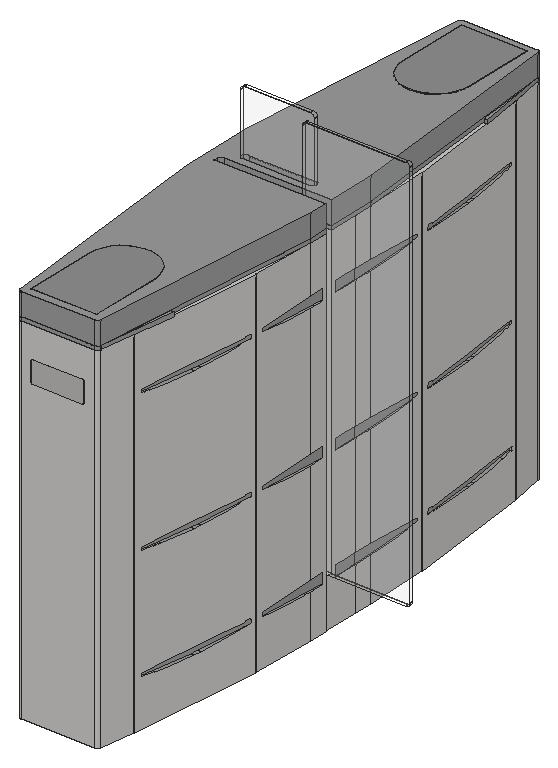
Revit family "CAME_Турникет_Скоростной_SLIDINGGATESG55_РаздвижнойБоковойМодуль550", category Специальное оборудование, Revit 2019
Family settings
  Размер круглого соединителя = Использовать диаметр
  Тип детали = Нормальный
  На основе рабочей плоскости = Нет
  Всегда вертикально = Да
  При загрузке вырезать с полостями = Нет
  Общий = Нет
  Точка расчета площади = Нет
Parameters
  Описание = "Боковой модуль раздвижного турникета SLIDING GATE SG55M, оснащенный платой управления и светодиодными указателями прохода и направления. Корпус - нержавеющая сталь. Сервопозиционный электропривод створки с определением препятствий и автоматической разблокировкой при отключении электроэнергии. Створка из 10 мм закаленного стекла. Ширина прохода 550 мм. Высота створки 1200 мм. Время открытия - 1 сек."
  Изготовитель = "CAME"  # constant formula
  Группа модели = "Турникеты"
  Watermark [instance] = "Модели защищены уникальным кодом"
  URL = "https://camerussia.com"
  CAME_Тип механизма турникета = "моторизованный"  # constant formula
  CAME_Напряжение электропитания двигателя (В) = 24 V  # constant formula
  CAME_Максимальное количество проходов в минуту = "25"  # constant formula
  CAME_Класс защиты (IP) = "44"  # constant formula
  CAME_Интенсивность использования (%) = "ИНТЕНСИВНОЕ"  # constant formula
  CAME_Диапазон рабочих температур (°C) = "-20 ÷ +68"  # constant formula
  CAME_Время открывания (с) = "1"  # constant formula
  BL_Разработано = "support@bimlib.pro"  # constant formula
  BL_Email = "cru.info@came.com"  # constant formula
  BL_BIM library = "https://bimlib.pro/manufacturer/came/cf0b6efe-31e5-4ffa-b7ea-1d6fa84041d4/?tab=products"
  ADSK_Размер_Ширина = 545 mm  # constant formula
  ADSK_Размер_Глубина = 1465 mm  # constant formula
  ADSK_Размер_Высота = 1030 mm  # constant formula
  ADSK_Полная мощность = ADSK_Номинальная мощность / ADSK_Коэффициент мощности  # 40.625 VA
  ADSK_Обозначение = "ТУ 26.30.50-001-89603926-2021"  # constant formula
  ADSK_Номинальная мощность = 39 W  # constant formula
  ADSK_Напряжение = 230 V  # constant formula
  ADSK_Наименование краткое = "Бок. модуль турникета SLIDING GATE SG55M, 550 мм, левый или правый"  # constant formula
  ADSK_Наименование = "Боковой модуль высокоинтенсивного скоростного раздвижного турникета SLIDING GATE SG55M, ширина прохода 550 мм, левый или правый"  # constant formula
  ADSK_Масса_Текст = ""
  ADSK_Масса = 0
  ADSK_Марка = "АРТ:001SG55MS"  # constant formula
  ADSK_Коэффициент мощности = 0.96
  ADSK_Количество фаз = 1  # constant formula
  ADSK_Количество = 1  # constant formula
  ADSK_Код изделия = "Код КСР 26.30.50.119.61.2.07.09"  # constant formula
  ADSK_Классификация нагрузок = Прочее
  ADSK_Завод-изготовитель = "CAME"  # constant formula
  ADSK_Единица измерения = "шт."  # constant formula
  ADSK_Группирование = "SLIDING GATE"  # constant formula
  ADSK_Версия семейства = "1.0"  # constant formula
  ADSK_Версия Revit = "2019"  # constant formula
  ADSK_URL страницы изделия = "https://camerussia.com/product/001sg55ms/"
  ADSK_URL документации изделия = "https://camerussia.com/uploads/support/instructions/files/Инструкция%20Sliding%20Gate%20SG55-SG90.pdf"
Reference planes
  plane 1 "По центру (Вперед/Назад)": y = 0
  plane 2: z = 0
  plane 3 "По центру (Влево/Вправо)": x = 0
  plane 4: x = -162.5
  plane 5: x = 162.5
  plane 6: y = 732.5
  plane 7: y = -732.5
  plane 8: z = 1030
  plane 9: x = -105
  plane 10: x = 105
  plane 11: y = 100
  plane 12: y = -100
  plane 13: x = -105
  plane 14: x = 105
  plane 15: y = 100
  plane 16: y = -100
  plane 17: z = 15
  plane 18: z = 960
  plane 19: z = 70
  plane 20: z = 445
  plane 21: z = 820
  plane 22: y = 632.5
  plane 23: y = -632.5
  plane 24: y = 632.5
  plane 25: y = -632.5
  plane 26: z = 1200
  plane 27: z = 145
  plane 28: y = 275
  plane 29: y = -275
  plane 30: y = 50
  plane 31: y = -50
  plane 32: x = 382.5
Forms (mm)
  Extrusion 1, solid, material "CAME_Сталь_Нержавеющая_AISI 304", detail levels medium
    sketch origin (0, 0, 0) x (1, 0, 0) y (0, 1, 0)
      loop
        arc (-105, 732.5) -> (-148.095, 417.554) -> (-162.5, 100) r 3507.5
        line (-162.5, 100) -> (-162.5, -100)
        arc (-162.5, -100) -> (-148.095, -417.554) -> (-105, -732.5) r 3507.5
        line (-105, -732.5) -> (105, -732.5)
        arc (105, -732.5) -> (148.095, -417.554) -> (162.5, -100) r 3507.5
        line (162.5, -100) -> (162.5, 100)
        arc (162.5, 100) -> (148.095, 417.554) -> (105, 732.5) r 3507.5
        line (105, 732.5) -> (-105, 732.5)
    from 0 to 1030
  Extrusion 2, solid, material "CAME_Сталь_Нержавеющая_AISI 304", detail levels fine
    sketch origin (-363.045, -1524, 15) x (-1, 0, 0) y (0, -1, 0)
      loop
        line (-459.701, -2256.5) -> (-266.388, -2256.5)
        arc (-266.388, -2256.5) -> (-260.067, -2254.249) -> (-256.592, -2248.51) r 10
        line (-256.592, -2248.51) -> (-241.439, -2157.96)
        arc (-241.439, -2157.96) -> (-242.655, -2156.256) -> (-240.951, -2155.04) r 1.48
        arc (-240.951, -2155.04) -> (-216.874, -1978.331) -> (-203.397, -1800.498) r 2983.664
        arc (-203.397, -1800.498) -> (-204.828, -1798.932) -> (-203.262, -1797.502) r 1.5
        arc (-203.262, -1797.502) -> (-200.642, -1710.771) -> (-200.545, -1624) r 2983.664
        line (-200.545, -1624) -> (-200.545, -1424)
        arc (-200.545, -1424) -> (-200.642, -1337.229) -> (-203.262, -1250.498) r 2983.664
        arc (-203.262, -1250.498) -> (-204.828, -1249.068) -> (-203.397, -1247.502) r 1.5
        arc (-203.397, -1247.502) -> (-216.874, -1069.669) -> (-240.951, -892.96) r 2983.664
        arc (-240.951, -892.96) -> (-242.655, -891.744) -> (-241.439, -890.04) r 1.48
        line (-241.439, -890.04) -> (-256.592, -799.49)
        arc (-256.592, -799.49) -> (-260.067, -793.751) -> (-266.388, -791.5) r 10
        line (-266.388, -791.5) -> (-459.701, -791.5)
        arc (-459.701, -791.5) -> (-466.022, -793.751) -> (-469.497, -799.49) r 10
        line (-469.497, -799.49) -> (-484.65, -890.04)
        arc (-484.65, -890.04) -> (-483.435, -891.744) -> (-485.138, -892.96) r 1.48
        arc (-485.138, -892.96) -> (-509.216, -1069.669) -> (-522.692, -1247.502) r 2983.664
        arc (-522.692, -1247.502) -> (-521.262, -1249.068) -> (-522.828, -1250.498) r 1.5
        arc (-522.828, -1250.498) -> (-525.448, -1337.229) -> (-525.545, -1424) r 2983.664
        line (-525.545, -1424) -> (-525.545, -1624)
        arc (-525.545, -1624) -> (-525.448, -1710.771) -> (-522.828, -1797.502) r 2983.664
        arc (-522.828, -1797.502) -> (-521.262, -1798.932) -> (-522.692, -1800.498) r 1.5
        arc (-522.692, -1800.498) -> (-509.216, -1978.331) -> (-485.138, -2155.04) r 2983.664
        arc (-485.138, -2155.04) -> (-483.435, -2156.256) -> (-484.65, -2157.96) r 1.48
        line (-484.65, -2157.96) -> (-469.497, -2248.51)
        arc (-469.497, -2248.51) -> (-466.022, -2254.249) -> (-459.701, -2256.5) r 10
    from 0 to 945
  Extrusion 3, solid, material "CAME_Камень_Гранитный_SGL01", detail levels fine
    sketch origin (-925.693, -1524, 1030) x (-1, 0, 0) y (0, -1, 0)
      loop
        arc (-829.037, -2256.5) -> (-822.626, -2254.175) -> (-819.196, -2248.28) r 10
        arc (-819.196, -2248.28) -> (-777.222, -1937.393) -> (-763.193, -1624) r 3507.5
        line (-763.193, -1624) -> (-763.193, -1424)
        arc (-763.193, -1424) -> (-777.222, -1110.607) -> (-819.196, -799.72) r 3507.5
        arc (-819.196, -799.72) -> (-822.626, -793.825) -> (-829.037, -791.5) r 10
        line (-829.037, -791.5) -> (-1022.35, -791.5)
        arc (-1022.35, -791.5) -> (-1028.761, -793.825) -> (-1032.19, -799.72) r 10
        arc (-1032.19, -799.72) -> (-1074.165, -1110.607) -> (-1088.193, -1424) r 3507.5
        line (-1088.193, -1424) -> (-1088.193, -1624)
        arc (-1088.193, -1624) -> (-1074.165, -1937.393) -> (-1032.19, -2248.28) r 3507.5
        arc (-1032.19, -2248.28) -> (-1028.761, -2254.175) -> (-1022.35, -2256.5) r 10
        line (-1022.35, -2256.5) -> (-829.037, -2256.5)
    from 0 to -60
  Extrusion 4, solid, material "CAME_Стекло_Закаленное", detail levels fine
    sketch origin (0, 0, 0) x (1, 0, 0) y (0, 0, 1)
      loop
        arc (-87.5, 1200) -> (-94.571, 1197.071) -> (-97.5, 1190) r 10
        line (-97.5, 1190) -> (-97.5, 960) -> (97.5, 960) -> (97.5, 1190)
        arc (97.5, 1190) -> (94.571, 1197.071) -> (87.5, 1200) r 10
        line (87.5, 1200) -> (-87.5, 1200)
    from -5 to 5
  Extrusion 5, solid, material "CAME_Стекло_Закаленное_Черное", detail levels medium+fine
    sketch origin (-925.693, -1524, 1030) x (-1, 0, 0) y (0, -1, 0)
      loop
        line (-838.193, -811.5) -> (-1013.193, -811.5) -> (-1013.193, -1004)
        arc (-1013.193, -1004) -> (-925.693, -1091.5) -> (-838.193, -1004) r 87.5
        line (-838.193, -1004) -> (-838.193, -811.5)
      loop
        line (-838.193, -2236.5) -> (-838.193, -2044)
        arc (-838.193, -2044) -> (-925.693, -1956.5) -> (-1013.193, -2044) r 87.5
        line (-1013.193, -2044) -> (-1013.193, -2236.5) -> (-838.193, -2236.5)
    from 0 to 2
  Extrusion 6, solid, material "CAME_Стекло_Закаленное_Черное", detail levels medium+fine
    sketch origin (866.16, -732.5, 1200) x (1, 0, 0) y (0, 0, 1)
      loop
        arc (-931.16, -320) -> (-934.695, -321.464) -> (-936.16, -325) r 5
        line (-936.16, -325) -> (-936.16, -375)
        arc (-936.16, -375) -> (-934.695, -378.536) -> (-931.16, -380) r 5
        line (-931.16, -380) -> (-801.16, -380)
        arc (-801.16, -380) -> (-797.624, -378.536) -> (-796.16, -375) r 5
        line (-796.16, -375) -> (-796.16, -325)
        arc (-796.16, -325) -> (-797.624, -321.464) -> (-801.16, -320) r 5
        line (-801.16, -320) -> (-931.16, -320)
    from 0 to 2
  Extrusion 7, solid, material "CAME_Стекло_Закаленное_Черное", detail levels medium+fine
    sketch origin (-872.529, 732.5, 1200) x (-1, 0, 0) y (0, 0, 1)
      loop
        arc (-937.529, -320) -> (-941.064, -321.464) -> (-942.529, -325) r 5
        line (-942.529, -325) -> (-942.529, -375)
        arc (-942.529, -375) -> (-941.064, -378.536) -> (-937.529, -380) r 5
        line (-937.529, -380) -> (-807.529, -380)
        arc (-807.529, -380) -> (-803.993, -378.536) -> (-802.529, -375) r 5
        line (-802.529, -375) -> (-802.529, -325)
        arc (-802.529, -325) -> (-803.993, -321.464) -> (-807.529, -320) r 5
        line (-807.529, -320) -> (-937.529, -320)
    from 0 to 2
  Extrusion 8, solid, material "CAME_Сталь_Нержавеющая_AISI 304", detail levels fine
    sketch origin (0, 0, 0) x (1, 0, 0) y (0, 1, 0)
      loop
        circle (50, -632.5) r 25
      loop
        circle (-50, -632.5) r 25
      loop
        circle (50, 632.5) r 25
      loop
        circle (-50, 632.5) r 25
      loop
        circle (50, -232.5) r 25
      loop
        circle (-50, -232.5) r 25
      loop
        circle (50, 232.5) r 25
      loop
        circle (-50, 232.5) r 25
    from 0 to 15
  Extrusion 9, solid, material "Воздух", detail levels fine
    sketch origin (349.639, -1524, 960) x (0, -1, 0) y (-1, 0, 0)
      loop
        arc (-799.72, 456.136) -> (-1110.607, 498.11) -> (-1424, 512.139) r 3507.5
        line (-1424, 512.139) -> (-1624, 512.139)
        arc (-1624, 512.139) -> (-1937.393, 498.11) -> (-2248.28, 456.136) r 3507.5
        arc (-2248.28, 456.136) -> (-2254.175, 452.706) -> (-2256.5, 446.295) r 10
        line (-2256.5, 446.295) -> (-2256.5, 252.982)
        arc (-2256.5, 252.982) -> (-2254.175, 246.571) -> (-2248.28, 243.142) r 10
        arc (-2248.28, 243.142) -> (-1937.393, 201.167) -> (-1624, 187.139) r 3507.5
        line (-1624, 187.139) -> (-1424, 187.139)
        arc (-1424, 187.139) -> (-1110.607, 201.167) -> (-799.72, 243.142) r 3507.5
        arc (-799.72, 243.142) -> (-793.825, 246.571) -> (-791.5, 252.982) r 10
        line (-791.5, 252.982) -> (-791.5, 446.295)
        arc (-791.5, 446.295) -> (-793.825, 452.706) -> (-799.72, 456.136) r 10
    from -10 to 0
  Extrusion 10, solid, material "Индикатор синий", detail levels fine
    sketch origin (349.639, -1524, 960) x (0, -1, 0) y (-1, 0, 0)
      loop
        line (-791.5, 252.982) -> (-791.5, 446.295)
        arc (-791.5, 446.295) -> (-793.825, 452.706) -> (-799.72, 456.136) r 10
        arc (-799.72, 456.136) -> (-901.634, 473.023) -> (-1004, 486.902) r 3507.5
        line (-1004, 486.902) -> (-1004, 212.376)
        arc (-1004, 212.376) -> (-901.634, 226.254) -> (-799.72, 243.142) r 3507.5
        arc (-799.72, 243.142) -> (-793.825, 246.571) -> (-791.5, 252.982) r 10
      loop
        line (-2044, 212.376) -> (-2044, 486.902)
        arc (-2044, 486.902) -> (-2146.366, 473.023) -> (-2248.28, 456.136) r 3507.5
        arc (-2248.28, 456.136) -> (-2254.175, 452.706) -> (-2256.5, 446.295) r 10
        line (-2256.5, 446.295) -> (-2256.5, 252.982)
        arc (-2256.5, 252.982) -> (-2254.175, 246.571) -> (-2248.28, 243.142) r 10
        arc (-2248.28, 243.142) -> (-2146.366, 226.254) -> (-2044, 212.376) r 3507.5
    from -10 to 0
  Extrusion 11, void
    sketch origin (105, -732.5, 0) x (0.124702, 0.992194, 0) y (0, 0, 1)
      loop
        arc (122.125, 824.954) -> (117.799, 820) -> (122.125, 815.046) r 5
        arc (122.125, 815.046) -> (196.534, 811.262) -> (271.028, 810) r 2199.676
        line (271.028, 810) -> (291.028, 810)
        arc (291.028, 810) -> (365.522, 811.262) -> (439.931, 815.046) r 2199.676
        arc (439.931, 815.046) -> (444.257, 820) -> (439.931, 824.954) r 5
        arc (439.931, 824.954) -> (365.522, 828.738) -> (291.028, 830) r 2199.676
        line (291.028, 830) -> (271.028, 830)
        arc (271.028, 830) -> (196.534, 828.738) -> (122.125, 824.954) r 2199.676
      loop
        arc (122.125, 449.954) -> (117.799, 445) -> (122.125, 440.046) r 5
        arc (122.125, 440.046) -> (196.534, 436.262) -> (271.028, 435) r 2199.676
        line (271.028, 435) -> (291.028, 435)
        arc (291.028, 435) -> (365.522, 436.262) -> (439.931, 440.046) r 2199.676
        arc (439.931, 440.046) -> (444.257, 445) -> (439.931, 449.954) r 5
        arc (439.931, 449.954) -> (365.522, 453.738) -> (291.028, 455) r 2199.676
        line (291.028, 455) -> (271.028, 455)
        arc (271.028, 455) -> (196.534, 453.738) -> (122.125, 449.954) r 2199.676
      loop
        arc (122.125, 149.954) -> (117.799, 145) -> (122.125, 140.046) r 5
        arc (122.125, 140.046) -> (196.534, 136.262) -> (271.028, 135) r 2199.676
        line (271.028, 135) -> (291.028, 135)
        arc (291.028, 135) -> (365.522, 136.262) -> (439.931, 140.046) r 2199.676
        arc (439.931, 140.046) -> (444.257, 145) -> (439.931, 149.954) r 5
        arc (439.931, 149.954) -> (365.522, 153.738) -> (291.028, 155) r 2199.676
        line (291.028, 155) -> (271.028, 155)
        arc (271.028, 155) -> (196.534, 153.738) -> (122.125, 149.954) r 2199.676
    from -2 to 10
  Extrusion 12, void
    sketch origin (105, 732.5, 0) x (0.124702, -0.992194, 0) y (0, 0, -1)
      loop
        arc (122.125, -824.954) -> (196.534, -828.738) -> (271.028, -830) r 2199.676
        line (271.028, -830) -> (291.028, -830)
        arc (291.028, -830) -> (365.522, -828.738) -> (439.931, -824.954) r 2199.676
        arc (439.931, -824.954) -> (444.257, -820) -> (439.931, -815.046) r 5
        arc (439.931, -815.046) -> (365.522, -811.262) -> (291.028, -810) r 2199.676
        line (291.028, -810) -> (271.028, -810)
        arc (271.028, -810) -> (196.534, -811.262) -> (122.125, -815.046) r 2199.676
        arc (122.125, -815.046) -> (117.799, -820) -> (122.125, -824.954) r 5
      loop
        arc (122.125, -449.954) -> (196.534, -453.738) -> (271.028, -455) r 2199.676
        line (271.028, -455) -> (291.028, -455)
        arc (291.028, -455) -> (365.522, -453.738) -> (439.931, -449.954) r 2199.676
        arc (439.931, -449.954) -> (444.257, -445) -> (439.931, -440.046) r 5
        arc (439.931, -440.046) -> (365.522, -436.262) -> (291.028, -435) r 2199.676
        line (291.028, -435) -> (271.028, -435)
        arc (271.028, -435) -> (196.534, -436.262) -> (122.125, -440.046) r 2199.676
        arc (122.125, -440.046) -> (117.799, -445) -> (122.125, -449.954) r 5
      loop
        arc (122.125, -149.954) -> (196.534, -153.738) -> (271.028, -155) r 2199.676
        line (271.028, -155) -> (291.028, -155)
        arc (291.028, -155) -> (365.522, -153.738) -> (439.931, -149.954) r 2199.676
        arc (439.931, -149.954) -> (444.257, -145) -> (439.931, -140.046) r 5
        arc (439.931, -140.046) -> (365.522, -136.262) -> (291.028, -135) r 2199.676
        line (291.028, -135) -> (271.028, -135)
        arc (271.028, -135) -> (196.534, -136.262) -> (122.125, -140.046) r 2199.676
        arc (122.125, -140.046) -> (117.799, -145) -> (122.125, -149.954) r 5
    from -2 to 10
  Extrusion 13, void
    sketch origin (-925.693, -1524, 1030) x (-1, 0, 0) y (0, -1, 0)
      loop
        line (-793.193, -1474) -> (-1088.193, -1474) -> (-1088.193, -1494) -> (-803.193, -1494)
        arc (-803.193, -1494) -> (-796.122, -1491.071) -> (-793.193, -1484) r 10
        line (-793.193, -1484) -> (-793.193, -1474)
      loop
        arc (-835.693, -1534) -> (-825.693, -1524) -> (-835.693, -1514) r 10
        line (-835.693, -1514) -> (-1015.693, -1514)
        arc (-1015.693, -1514) -> (-1025.693, -1524) -> (-1015.693, -1534) r 10
        line (-1015.693, -1534) -> (-835.693, -1534)
    from -885 to 0
  Extrusion 14, solid, material "CAME_Стекло_Закаленное", detail levels medium
    sketch origin (0, 0, 0) x (1, 0, 0) y (0, 0, 1)
      loop
        line (-97.5, 1030) -> (97.5, 1030) -> (97.5, 1190)
        arc (97.5, 1190) -> (94.571, 1197.071) -> (87.5, 1200) r 10
        line (87.5, 1200) -> (-87.5, 1200)
        arc (-87.5, 1200) -> (-94.571, 1197.071) -> (-97.5, 1190) r 10
        line (-97.5, 1190) -> (-97.5, 1030)
    from -5 to 5
  Extrusion 15, solid, material "CAME_Стекло_Закаленное", detail levels fine
    sketch origin (268.229, -50, 1200) x (1, 0, 0) y (0, 0, 1)
      loop
        arc (-160.729, 0) -> (-167.8, -2.929) -> (-170.729, -10) r 10
        line (-170.729, -10) -> (-170.729, -1055) -> (104.271, -1055)
        arc (104.271, -1055) -> (111.342, -1052.071) -> (114.271, -1045) r 10
        line (114.271, -1045) -> (114.271, -10)
        arc (114.271, -10) -> (111.342, -2.929) -> (104.271, 0) r 10
        line (104.271, 0) -> (-160.729, 0)
    from -15 to -5
  Extrusion 16, solid, material "CAME_Стекло_Закаленное", detail levels medium
    sketch origin (268.229, -50, 1200) x (1, 0, 0) y (0, 0, 1)
      loop
        line (-170.729, -10) -> (-170.729, -170) -> (-105.729, -170) -> (-105.729, -1055) -> (104.271, -1055)
        arc (104.271, -1055) -> (111.342, -1052.071) -> (114.271, -1045) r 10
        line (114.271, -1045) -> (114.271, -10)
        arc (114.271, -10) -> (111.342, -2.929) -> (104.271, 0) r 10
        line (104.271, 0) -> (-160.729, 0)
        arc (-160.729, 0) -> (-167.8, -2.929) -> (-170.729, -10) r 10
    from -15 to -5
  Extrusion 17, void
    sketch origin (162.5, -493.584, 1200) x (0, -1, 0) y (0, 0, 1)
      loop
        arc (-237.736, -384.928) -> (-233.584, -380) -> (-237.736, -375.072) r 5
        arc (-237.736, -375.072) -> (-335.573, -368.445) -> (-433.584, -365.289) r 2766.25
        line (-433.584, -365.289) -> (-433.584, -394.711)
        arc (-433.584, -394.711) -> (-335.573, -391.555) -> (-237.736, -384.928) r 2766.25
      loop
        arc (-749.432, -384.928) -> (-631.615, -392.481) -> (-513.584, -395) r 2766.25
        line (-513.584, -395) -> (-473.584, -395) -> (-473.584, -365) -> (-513.584, -365)
        arc (-513.584, -365) -> (-631.615, -367.519) -> (-749.432, -375.072) r 2766.25
        arc (-749.432, -375.072) -> (-753.584, -380) -> (-749.432, -384.928) r 5
      loop
        arc (-237.736, -759.928) -> (-233.584, -755) -> (-237.736, -750.072) r 5
        arc (-237.736, -750.072) -> (-335.573, -743.445) -> (-433.584, -740.289) r 2766.25
        line (-433.584, -740.289) -> (-433.584, -769.711)
        arc (-433.584, -769.711) -> (-335.573, -766.555) -> (-237.736, -759.928) r 2766.25
      loop
        arc (-749.432, -759.928) -> (-631.615, -767.481) -> (-513.584, -770) r 2766.25
        line (-513.584, -770) -> (-473.584, -770) -> (-473.584, -740) -> (-513.584, -740)
        arc (-513.584, -740) -> (-631.615, -742.519) -> (-749.432, -750.072) r 2766.25
        arc (-749.432, -750.072) -> (-753.584, -755) -> (-749.432, -759.928) r 5
      loop
        arc (-237.736, -1059.928) -> (-233.584, -1055) -> (-237.736, -1050.072) r 5
        arc (-237.736, -1050.072) -> (-335.573, -1043.445) -> (-433.584, -1040.289) r 2766.25
        line (-433.584, -1040.289) -> (-433.584, -1069.711)
        arc (-433.584, -1069.711) -> (-335.573, -1066.555) -> (-237.736, -1059.928) r 2766.25
      loop
        arc (-749.432, -1059.928) -> (-631.615, -1067.481) -> (-513.584, -1070) r 2766.25
        line (-513.584, -1070) -> (-473.584, -1070) -> (-473.584, -1040) -> (-513.584, -1040)
        arc (-513.584, -1040) -> (-631.615, -1042.519) -> (-749.432, -1050.072) r 2766.25
        arc (-749.432, -1050.072) -> (-753.584, -1055) -> (-749.432, -1059.928) r 5
    from -5 to 3
  Extrusion 18, void
    sketch origin (0, 0, 0) x (1, 0, 0) y (0, 1, 0)
      loop
        line (-162.5, 50) -> (-162.5, 49) -> (162.5, 49) -> (162.5, 50) -> (-162.5, 50)
      loop
        line (-162.5, -49) -> (-162.5, -50) -> (162.5, -50) -> (162.5, -49) -> (-162.5, -49)
    from 0 to 1030
Cuts and joins
  Extrusion 11, Extrusion 12, Extrusion 13, Extrusion 17, Extrusion 18 cuts Extrusion 2
  Extrusion 13 cuts Extrusion 3
  Extrusion 13 cuts Extrusion 9
Lines and regions (mm)
  model lines, style "CAME", detail levels coarse
    curve 1: line (-162.5, 732.5, 0) -> (162.5, 732.5, 0)
    curve 2: line (-162.5, -732.5, 0) -> (-162.5, 732.5, 0)
    curve 3: line (162.5, -732.5, 0) -> (-162.5, -732.5, 0)
    curve 4: line (162.5, 732.5, 0) -> (162.5, -732.5, 0)
    curve 5: line (162.5, -50, 0) -> (382.5, -50, 0)
  reference lines
    curve 6: line (105, 732.5, 0) -> (162.5, 275, 0)
    curve 7: line (105, -732.5, 0) -> (162.5, -275, 0)
Dimensions and locks
  locked: plane 4 to plane 5 at 325
  equal spacing: plane 7, plane 1 "По центру (Вперед/Назад)", plane 6
  "ADSK_Размер_Глубина": plane 7 to plane 6
  equal spacing: plane 4, plane 3 "По центру (Влево/Вправо)", plane 5
  "ADSK_Размер_Высота": plane 8 to plane 2
  plane 9 to plane 3 "По центру (Влево/Вправо)" to plane 10 = 105 mm locked, 105 mm locked
  plane 12 to plane 1 "По центру (Вперед/Назад)" to plane 11 = 100 mm locked, 100 mm locked
  plane 13 to plane 3 "По центру (Влево/Вправо)" to plane 14 = 105 mm locked, 105 mm locked
  plane 15 to plane 1 "По центру (Вперед/Назад)" to plane 16 = 100 mm locked, 100 mm locked
  locked: plane 17 to plane 2 at 15
  locked: plane 8 to plane 18 at 70
  plane 21 to plane 20 to plane 19 to plane 2 = 375 mm locked, 375 mm locked, 70 mm locked
  locked: plane 22 to plane 6 at 100
  locked: plane 7 to plane 23 at 100
  locked: plane 7 to plane 25 at 100
  locked: plane 24 to plane 6 at 100
  plane 7 to Extrusion 5 sketch curve to Extrusion 5 sketch curve = 20 mm locked, 192.5 mm locked
  Extrusion 5 sketch curve to plane 3 "По центру (Влево/Вправо)" to Extrusion 5 sketch curve = 87.5 mm locked, 87.5 mm locked
  plane 6 to Extrusion 5 sketch curve to Extrusion 5 sketch curve = 20 mm locked, 192.5 mm locked
  plane 8 to Extrusion 6 sketch curve to Extrusion 6 sketch curve = 150 mm locked, 60 mm locked
  Extrusion 6 sketch curve to plane 3 "По центру (Влево/Вправо)" to Extrusion 6 sketch curve = 70 mm locked, 70 mm locked
  Extrusion 8 sketch curve to plane 3 "По центру (Влево/Вправо)" to Extrusion 8 sketch curve = 50 mm locked, 50 mm locked  (x4)
  locked: Extrusion 8 sketch curve to plane 6 at 500
  locked: plane 6 to Extrusion 8 sketch curve at 500
  locked: plane 7 to Extrusion 8 sketch curve at 500  (x2)
  locked: plane 26 to plane 2 at 1200
  locked: plane 27 to plane 2 at 145
  plane 28 to plane 1 "По центру (Вперед/Назад)" to plane 29 = 275 mm locked, 275 mm locked
  plane 31 to plane 1 "По центру (Вперед/Назад)" to plane 30 = 50 mm locked, 50 mm locked
  Extrusion 11 sketch curve to plane 21 to Extrusion 11 sketch curve = 10 mm locked, 10 mm locked
  Extrusion 11 sketch curve to plane 20 to Extrusion 11 sketch curve = 10 mm locked, 10 mm locked
  Extrusion 11 sketch curve to plane 27 to Extrusion 11 sketch curve = 10 mm locked, 10 mm locked
  Extrusion 12 sketch curve to Extrusion 12 sketch curve = 20 mm  (x3)
  locked: plane 4 to Extrusion 13 sketch curve at 30
  Extrusion 13 sketch curve to plane 1 "По центру (Вперед/Назад)" to Extrusion 13 sketch curve = 10 mm locked, 10 mm locked
  Extrusion 13 sketch curve to plane 3 "По центру (Влево/Вправо)" to Extrusion 13 sketch curve = 90 mm locked, 90 mm locked
  Extrusion 4 sketch curve to plane 3 "По центру (Влево/Вправо)" to Extrusion 4 sketch curve = 97.5 mm locked, 97.5 mm locked
  "ADSK_Размер_Ширина": plane 4 to plane 32
  locked: Extrusion 18 sketch curve to plane 30 at 1
  locked: plane 31 to Extrusion 18 sketch curve at 1
  radius of Extrusion 2 sketch curve = 10 mm  (x4)
  radius of Extrusion 6 sketch curve = 5 mm  (x4)
  radius of Extrusion 13 sketch curve = 10 mm
  radius of Extrusion 15 sketch curve = 10 mm  (x3)
  aligned and locked: level to plane 2
  aligned and locked: Extrusion 1 sketch curve to plane 6
  aligned and locked: plane 7 to Extrusion 1 sketch curve
  aligned and locked: Extrusion 1 sketch curve to plane 5
  aligned and locked: plane 11 to Extrusion 1 sketch curve  (x2)
  aligned and locked: plane 12 to Extrusion 1 sketch curve  (x2)
  aligned and locked: Extrusion 1 sketch curve to plane 4
  aligned and locked: plane 8 to Extrusion 1
  aligned and locked: Extrusion 1 to Extrusion 2 sketch curve  (x2)
  aligned and locked: Extrusion 2 to plane 18
  aligned and locked: curve 1 to plane 6
  aligned and locked: curve 3 to plane 7
  aligned and locked: plane 4 to curve 2
  aligned and locked: plane 5 to curve 4
  aligned and locked: Extrusion 5 sketch curve to Extrusion 5 sketch curve  (x2)
  aligned and locked: Extrusion 7 sketch curve to Extrusion 6  (x4)
  aligned and locked: plane 25 to Extrusion 8 sketch curve  (x2)
  aligned and locked: plane 24 to Extrusion 8 sketch curve  (x2)
  aligned and locked: Extrusion 9 sketch curve to Extrusion 3  (x8)
  aligned and locked: Extrusion 10 sketch curve to Extrusion 3  (x4)
  aligned and locked: plane 31 to Extrusion 13 sketch curve
  aligned and locked: Extrusion 13 sketch curve to plane 5
  aligned and locked: Extrusion 13 to plane 27
  aligned and locked: plane 8 to Extrusion 13
  aligned and locked: Extrusion 4 sketch curve to plane 18
  aligned and locked: Extrusion 4 sketch curve to plane 26
  aligned and locked: Extrusion 4 to Extrusion 14 sketch curve
  aligned and locked: Extrusion 14 sketch curve to Extrusion 4  (x2)
  aligned and locked: plane 8 to Extrusion 14 sketch curve
  aligned and locked: Extrusion 15 sketch curve to plane 32
  aligned and locked: Extrusion 15 sketch curve to Extrusion 14
  aligned and locked: Extrusion 15 sketch curve to plane 26
  aligned and locked: plane 27 to Extrusion 15 sketch curve
  aligned and locked: Extrusion 16 sketch curve to Extrusion 15  (x3)
  aligned and locked: Extrusion 15 to Extrusion 16 sketch curve
  aligned and locked: Extrusion 16 sketch curve to plane 5
  aligned and locked: Extrusion 16 sketch curve to plane 8
  aligned and locked: plane 4 to Extrusion 18 sketch curve  (x2)
  aligned and locked: plane 5 to Extrusion 18 sketch curve  (x2)
  aligned and locked: plane 30 to Extrusion 18 sketch curve
  aligned and locked: Extrusion 18 sketch curve to plane 31
  aligned and locked: plane 8 to Extrusion 18
  aligned and locked: plane 32 to curve 5
  aligned and locked: plane 31 to curve 5
Automatic sketch dimensions
  Extrusion 1 sketch curve to plane 9 = 0 mm  (x2)
  Extrusion 1 sketch curve to plane 10 = 0 mm  (x2)
  Extrusion 2 sketch curve to Extrusion 2 sketch curve = 0 mm  (x13)
  Extrusion 2 sketch curve to plane 5 = 0 mm
  plane 29 to Extrusion 2 sketch curve = 0 mm  (x2)
  Extrusion 2 sketch curve to plane 28 = 0 mm  (x2)
  plane 22 to Extrusion 2 sketch curve = 0 mm  (x2)
  plane 23 to Extrusion 2 sketch curve = 0 mm  (x2)
  Extrusion 2 sketch curve to plane 4 = 0 mm
  Extrusion 2 sketch curve to plane 15 = 0 mm  (x2)
  plane 16 to Extrusion 2 sketch curve = 0 mm  (x2)
  plane 15 to Extrusion 2 sketch curve = 40.053 mm  (x2)
  Extrusion 2 sketch curve to plane 32 = 2438.395 mm
  plane 16 to Extrusion 2 sketch curve = 40.053 mm  (x2)
  plane 5 to Extrusion 2 sketch curve = 2.784 mm  (x2)
  Extrusion 2 sketch curve to plane 14 = 16.85 mm  (x2)
  Extrusion 2 sketch curve to plane 22 = 1.46 mm  (x2)
  Extrusion 2 sketch curve to Extrusion 2 sketch curve = 0.244 mm  (x4)
  plane 23 to Extrusion 2 sketch curve = 1.46 mm  (x2)
  Extrusion 2 sketch curve to plane 14 = 1.453 mm  (x2)
  Extrusion 2 sketch curve to Extrusion 2 sketch curve = 9.796 mm  (x2)
  plane 13 to Extrusion 2 sketch curve = 8.343 mm  (x2)
  Extrusion 2 sketch curve to plane 13 = 1.453 mm  (x2)
  Extrusion 2 sketch curve to plane 13 = 16.605 mm  (x2)
  plane 4 to Extrusion 2 sketch curve = 2.784 mm  (x2)
  Extrusion 2 sketch curve to plane 29 = 1.498 mm
  Extrusion 2 sketch curve to plane 28 = 1.498 mm
  plane 28 to Extrusion 2 sketch curve = 1.498 mm  (x2)
  plane 29 to Extrusion 2 sketch curve = 1.498 mm  (x2)
  plane 22 to Extrusion 2 sketch curve = 1.46 mm
  Extrusion 2 sketch curve to plane 23 = 1.46 mm
  plane 7 to curve 7 = 0 mm
  curve 7 to plane 14 = 0 mm
  curve 6 to plane 6 = 0 mm
  curve 6 to plane 14 = 0 mm
  curve 7 to plane 5 = 0 mm
  curve 6 to plane 5 = 0 mm
  plane 29 to curve 7 = 0 mm
  curve 6 to plane 28 = 0 mm
  plane 16 to Extrusion 3 sketch curve = 0 mm
  plane 15 to Extrusion 3 sketch curve = 0 mm
  Extrusion 3 sketch curve to plane 5 = 0 mm
  Extrusion 3 sketch curve to plane 6 = 0 mm
  plane 7 to Extrusion 3 sketch curve = 0 mm
  Extrusion 3 sketch curve to plane 4 = 0 mm
  Extrusion 3 sketch curve to plane 16 = 0 mm
  Extrusion 3 sketch curve to plane 15 = 0 mm
  Extrusion 3 sketch curve to plane 32 = 2962.5 mm
  Extrusion 3 sketch curve to Extrusion 3 sketch curve = 0 mm  (x2)
  plane 14 to Extrusion 3 sketch curve = 8.343 mm  (x2)
  plane 13 to Extrusion 3 sketch curve = 8.343 mm  (x2)
  Extrusion 3 sketch curve to Extrusion 3 sketch curve = 10 mm  (x3)
  Extrusion 3 sketch curve to plane 7 = 10 mm
  Extrusion 4 sketch curve to Extrusion 4 sketch curve = 10 mm  (x2)
  plane 15 to Extrusion 10 sketch curve = 0 mm
  plane 16 to Extrusion 10 sketch curve = 0 mm
  Extrusion 10 sketch curve to Extrusion 10 sketch curve = 10 mm
  plane 4 to Extrusion 10 sketch curve = 25.237 mm  (x2)
  plane 24 to Extrusion 10 sketch curve = 112.5 mm
  Extrusion 10 sketch curve to plane 25 = 112.5 mm
  Extrusion 10 sketch curve to plane 7 = 10 mm
  plane 13 to Extrusion 10 sketch curve = 8.343 mm  (x2)
  Extrusion 10 sketch curve to plane 32 = 2962.5 mm
  Extrusion 10 sketch curve to Extrusion 10 sketch curve = 0 mm
  curve 7 to Extrusion 11 sketch curve = 122.799 mm  (x3)
  Extrusion 11 sketch curve to curve 7 = 190.071 mm  (x3)
  Extrusion 11 sketch curve to Extrusion 11 sketch curve = 148.229 mm
  Extrusion 11 sketch curve to Extrusion 11 sketch curve = 0 mm  (x10)
  Extrusion 11 sketch curve to Extrusion 11 sketch curve = 20 mm  (x6)
  Extrusion 11 sketch curve to curve 7 = 21.842 mm  (x3)
  Extrusion 11 sketch curve to curve 7 = 1369.676 mm
  Extrusion 11 sketch curve to curve 7 = 1744.676 mm
  Extrusion 11 sketch curve to curve 7 = 2044.676 mm
  Extrusion 11 sketch curve to curve 7 = 145 mm  (x2)
  Extrusion 11 sketch curve to Extrusion 11 sketch curve = 10 mm  (x4)
  curve 7 to Extrusion 11 sketch curve = 2334.676 mm
  curve 7 to Extrusion 11 sketch curve = 2634.676 mm
  curve 7 to Extrusion 11 sketch curve = 3009.676 mm
  Extrusion 11 sketch curve to Extrusion 11 sketch curve = 0.674 mm  (x6)
  Extrusion 13 sketch curve to Extrusion 13 sketch curve = 20 mm
  Extrusion 12 sketch curve to plane 20 = 0 mm  (x2)
  plane 27 to Extrusion 12 sketch curve = 0 mm  (x2)
  Extrusion 12 sketch curve to plane 21 = 0 mm  (x2)
  Extrusion 12 sketch curve to Extrusion 12 sketch curve = 0 mm  (x14)
  Extrusion 12 sketch curve to Extrusion 12 sketch curve = 148.229 mm  (x5)
  Extrusion 12 sketch curve to plane 21 = 10 mm
  Extrusion 12 sketch curve to plane 20 = 10 mm
  Extrusion 12 sketch curve to Extrusion 12 sketch curve = 20 mm  (x6)
  plane 26 to Extrusion 12 sketch curve = 1134.676 mm
  Extrusion 12 sketch curve to Extrusion 12 sketch curve = 300 mm  (x2)
  Extrusion 12 sketch curve to Extrusion 12 sketch curve = 375 mm  (x2)
  Extrusion 12 sketch curve to Extrusion 12 sketch curve = 10 mm
  Extrusion 12 sketch curve to level = 1369.676 mm
  Extrusion 12 sketch curve to plane 21 = 4.954 mm
  plane 20 to Extrusion 12 sketch curve = 4.954 mm
  plane 27 to Extrusion 12 sketch curve = 4.954 mm  (x2)
  plane 21 to Extrusion 12 sketch curve = 4.954 mm
  Extrusion 12 sketch curve to plane 20 = 4.954 mm
  plane 21 to Extrusion 17 sketch curve = 0 mm  (x2)
  plane 20 to Extrusion 17 sketch curve = 0 mm  (x2)
  Extrusion 17 sketch curve to plane 27 = 0 mm  (x2)
  Extrusion 17 sketch curve to plane 28 = 20 mm  (x3)
  Extrusion 17 sketch curve to plane 1 "По центру (Вперед/Назад)" = 20 mm  (x6)
  plane 1 "По центру (Вперед/Назад)" to Extrusion 17 sketch curve = 20 mm  (x9)
  plane 31 to Extrusion 17 sketch curve = 10 mm  (x3)
  Extrusion 17 sketch curve to plane 29 = 20 mm  (x3)
  Extrusion 17 sketch curve to plane 27 = 14.711 mm
  Extrusion 17 sketch curve to plane 27 = 15 mm
  Extrusion 17 sketch curve to level = 1931.25 mm
  Extrusion 17 sketch curve to Extrusion 17 sketch curve = 0 mm  (x7)
  Extrusion 17 sketch curve to Extrusion 17 sketch curve = 375 mm  (x2)
  Extrusion 17 sketch curve to Extrusion 17 sketch curve = 300 mm  (x2)
  Extrusion 17 sketch curve to Extrusion 17 sketch curve = 29.422 mm  (x3)
  Extrusion 17 sketch curve to Extrusion 17 sketch curve = 30 mm  (x3)
  plane 20 to Extrusion 17 sketch curve = 15 mm
  plane 20 to Extrusion 17 sketch curve = 14.711 mm
  plane 21 to Extrusion 17 sketch curve = 15 mm
  plane 21 to Extrusion 17 sketch curve = 14.711 mm
  plane 26 to Extrusion 17 sketch curve = 1696.25 mm
  Extrusion 17 sketch curve to plane 21 = 4.928 mm
  Extrusion 17 sketch curve to plane 27 = 4.928 mm
  Extrusion 17 sketch curve to plane 20 = 4.928 mm  (x2)
  plane 27 to Extrusion 17 sketch curve = 4.928 mm
  plane 21 to Extrusion 17 sketch curve = 4.928 mm
  Extrusion 2 sketch curve to plane 4 = 2658.395 mm
  Extrusion 3 sketch curve to plane 4 = 3182.5 mm
  radius of Extrusion 8 sketch curve = 25 mm  (x8)
Connectors
  electrical at (0, 0, 0), driven by "ADSK_Количество фаз", driven by "ADSK_Напряжение", driven by "ADSK_Полная мощность", driven by "ADSK_Коэффициент мощности"
    settings: on Extrusion 1, index 1, voltage 230 V, apparent load 0 VA, apparent load phase1 40.625 VA, apparent load phase2 0 VA, apparent load phase3 0 VA, power factor 0.96, load classification "Прочее", number of poles 1, system type 31, power factor state 1, is connector primary yes, connector utility no, sub classification motor no, connector description ""
